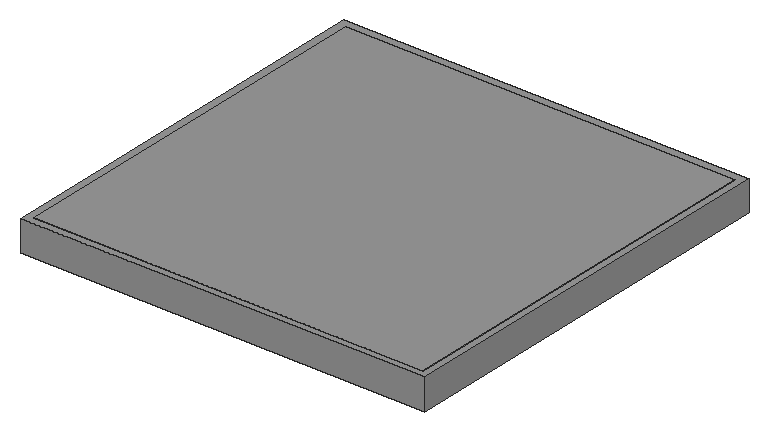
Revit family "ДВО-09 30 Вт Грильято DALI", category Осветительные приборы, Revit 2019 (continued)
Types (6, lengths in mm): name | Эффективность светильника | Файл фотометрической сетки | Тип рассеивателя | Световой поток модуля | built-in parameter 1150142 | Wattage | built-in parameter 1114217 | built-in parameter 1150134 | Lumens | built-in parameter 1150105 | Категория по ограничению яркости | built-in parameter 1150107 | built-in parameter 1150106 | Габаритная яркость | Артикул | URL
  ДВО-09-П-30-4К-IP40-Грильято-DALI | "143" | "INNOLUX 14 942 DVO-09-P-30-4K-IP40-DALI.ies" | "призма" | "1156" | "IESNA: LM-63-1995\r\n[TEST] lab - arhilight 1912722\r\n[MANUFAC] INNOLUX\r\n [LUMCAT] 14 942\r\n[LUMINAIRE] DVO-09-P-30-4Ê-IP40-DALI\r\n[LAMPCAT] LED 30W 4000K\r\n[MORE]  \r\n[MORE]\r\n[LAMPCAT] \r\n[LAMP] LED \r\n[BALLAST] NO\r\n[_PRODUCTGROUP] \r\n[_INFOLINK] This file is created by A.Arkhipov (www.arhilight.ru)\r\nTILT=NONE\r\n \r\n1 4292 4.292 181 145 1 2 0.588 0.588 0.045\r\n 1  1 30.0\r\n\r\n0 0.5 1 1.5 2 2.5 3 3.5 4 4.5 5 5.5 6 6.5 7 7.5 8 8.5 9 9.5 10 10.5 11 11.5 12 12.5 13 13.5 14 14.5 15 15.5 16 16.5 17 17.5 18 18.5 19 19.5 20 20.5 21 21.5 22 22.5 23 23.5 24 24.5 25 25.5 26 26.5 27 27.5 28 28.5 29 29.5 30 30.5 31 31.5 32 32.5 33 33.5 34 34.5 35 35.5 36 36.5 37 37.5 38 38.5 39 39.5 40 40.5 41 41.5 42 42.5 43 43.5 44 44.5 45 45.5 46 46.5 47 47.5 48 48.5 49 49.5 50 50.5 51 51.5 52 52.5 53 53.5 54 54.5 55 55.5 56 56.5 57 57.5 58 58.5 59 59.5 60 60.5 61 61.5 62 62.5 63 63.5 64 64.5 65 65.5 66 66.5 67 67.5 68 68.5 69 69.5 70 70.5 71 71.5 72 72.5 73 73.5 74 74.5 75 75.5 76 76.5 77 77.5 78 78.5 79 79.5 80 80.5 81 81.5 82 82.5 83 83.5 84 84.5 85 85.5 86 86.5 87 87.5 88 88.5 89 89.5 90\r\n\r\n0 2.5 5 7.5 10 12.5 15 17.5 20 22.5 25 27.5 30 32.5 35 37.5 40 42.5 45 47.5 50 52.5 55 57.5 60 62.5 65 67.5 70 72.5 75 77.5 80 82.5 85 87.5 90 92.5 95 97.5 100 102.5 105 107.5 110 112.5 115 117.5 120 122.5 125 127.5 130 132.5 135 137.5 140 142.5 145 147.5 150 152.5 155 157.5 160 162.5 165 167.5 170 172.5 175 177.5 180 182.5 185 187.5 190 192.5 195 197.5 200 202.5 205 207.5 210 212.5 215 217.5 220 222.5 225 227.5 230 232.5 235 237.5 240 242.5 245 247.5 250 252.5 255 257.5 260 262.5 265 267.5 270 272.5 275 277.5 280 282.5 285 287.5 290 292.5 295 297.5 300 302.5 305 307.5 310 312.5 315 317.5 320 322.5 325 327.5 330 332.5 335 337.5 340 342.5 345 347.5 350 352.5 355 357.5 360\r\n\r\n433.7 433.7 433.8 433.8 433.7 433.4 433.2 432.8 432.5 432.2 431.9 431.5 431.2 430.8 430.3 429.9 429.5 428.9 428.3 427.7 427 426.3 425.6 424.8 423.9 423.2 422.1 421.3 420.2 419.2 418.2 417.1 416 414.9 413.5 412.3 410.9 409.4 407.8 406.4 404.7 403.2 401.4 399.8 397.7 395.9 393.8 391.8 389.2 387.2 384.6 382.2 379.2 376.6 373.5 370.7 367.1 363.9 360.2 356.7 352.5 348.7 344.3 340.3 335.5 331.3 326.5 322.3 317.2 313 308.3 304 299.1 295 290.2 286.1 281.1 276.9 272.1 267.8 262.8 258.6 253.7 249.6 244.6 240.3 235.8 231.7 226.9 223 218.5 214.5 210.1 206.2 202 198.1 194 190.4 186.3 182.7 178.8 175.4 171.6 168.3 164.6 161.5 158 154.8 151.3 148.4 144.9 141.7 138.3 135.3 131.8 128.5 125 121.9 118.2 114.9 111.2 108 104.4 101.1 97.6 94.5 91 88 84.7 81.9 78.8 76.1 73.1 70.6 67.7 65.3 62.7 60.5 57.9 55.9 53.8 52.1 50.2 48.6 47 45.6 44.1 42.9 41.7 40.5 39.3 38.3 37.2 36.3 35.2 34.3 33.2 32.2 31.1 30.1 28.9 27.8 26.6 25.5 24.1 22.9 21.4 20 18.5 17.2 15.6 14.2 12.6 11.3 9.8 8.4 7.3 6.3 5.5 4.8 4.3\r\n433.6 433.6 433.5 433.4 433.3 433.1 432.8 432.4 432.1 431.8 431.5 431.1 430.8 430.4 429.8 429.4 428.9 428.3 427.7 427.1 426.3 425.6 424.9 424.1 423.3 422.4 421.4 420.7 419.6 418.5 417.4 416.4 415.2 414.1 412.6 411.4 409.9 408.5 406.9 405.4 403.7 402.1 400.3 398.6 396.5 394.7 392.5 390.4 387.9 385.7 383.1 380.6 377.6 374.9 371.8 368.9 365.2 362.1 358.3 354.9 350.8 347.2 343 339.2 334.6 330.8 326.2 322.3 317.6 313.6 309.1 305.2 300.5 296.7 292.3 288.5 283.9 280.1 275.7 271.8 267.3 263.4 259 255.1 250.6 246.6 242.3 238.4 233.8 230 225.6 221.7 217.4 213.6 209.3 205.5 201.3 197.7 193.5 189.7 185.6 182 177.9 174.2 170 166.4 162.2 158.4 154.3 150.6 146.4 142.6 138.4 134.8 130.7 126.9 122.9 119.4 115.4 111.8 108 104.6 100.9 97.5 93.9 90.8 87.3 84.3 81 78.1 75 72.3 69.4 66.9 64.2 61.9 59.4 57.4 55.1 53.3 51.4 49.8 48.1 46.7 45.3 44.1 42.8 41.8 40.7 39.7 38.6 37.7 36.6 35.8 34.7 33.7 32.7 31.7 30.6 29.6 28.5 27.6 26.4 25.4 24.1 23 21.6 20.3 18.7 17.3 15.6 14.1 12.5 11.1 9.4 8.1 6.8 5.8 4.8 4.2 3.8\r\n433.4 433.4 433.2 433.1 432.9 432.7 432.4 432.1 431.8 431.4 431.1 430.8 430.4 429.9 429.3 428.9 428.3 427.7 427 426.4 425.7 424.9 424.2 423.4 422.6 421.7 420.8 420 418.9 417.9 416.7 415.7 414.4 413.2 411.7 410.5 409 407.7 405.9 404.5 402.7 401 399.2 397.4 395.2 393.5 391.2 389.1 386.6 384.2 381.6 379 375.9 373.2 370 367.1 363.4 360.2 356.5 353.1 349.1 345.7 341.6 338.1 333.8 330.2 326 322.4 317.9 314.3 310 306.4 302 298.4 294.3 290.9 286.6 283.3 279.2 275.8 271.8 268.2 264.3 260.7 256.5 252.9 248.8 245.2 240.8 237 232.7 229 224.7 221 216.7 212.8 208.6 204.9 200.6 196.7 192.4 188.6 184.2 180 175.4 171.2 166.5 162.1 157.2 152.8 147.8 143.5 138.5 134.3 129.5 125.3 120.8 117 112.6 108.7 104.7 101.2 97.4 93.9 90.3 87.1 83.6 80.6 77.2 74.4 71.3 68.5 65.7 63.2 60.6 58.5 56.2 54.4 52.3 50.7 49 47.5 46 44.7 43.6 42.7 41.5 40.7 39.8 38.9 38 37.1 36.1 35.2 34.2 33.2 32.1 31.2 30.1 29.1 28.1 27.3 26.2 25.3 24.2 23.1 21.8 20.5 18.9 17.4 15.6 14 12.3 10.8 9.1 7.7 6.2 5.2 4.1 3.6 3.3\r\n433.4 433.4 433.2 433.1 432.8 432.6 432.3 432 431.7 431.3 431 430.6 430.3 429.8 429.4 428.9 428.3 427.7 426.9 426.3 425.6 424.8 424 423.2 422.4 421.5 420.5 419.7 418.6 417.5 416.4 415.4 414.1 412.9 411.5 410.3 408.9 407.5 405.8 404.3 402.6 401 399.1 397.3 395.2 393.4 391.2 389.1 386.6 384.3 381.7 379.2 376.1 373.4 370.2 367.2 363.5 360.3 356.6 353.2 349.2 345.7 341.7 338.1 333.8 330.2 325.9 322.3 317.7 314.1 309.7 305.9 301.4 297.7 293.4 289.7 285.1 281.5 277.3 273.6 269.2 265.5 261.3 257.7 253.3 249.6 245.4 241.8 237.3 233.6 229.2 225.4 221.1 217.5 213.2 209.3 205.1 201.5 197.2 193.5 189.2 185.5 181.3 177.3 172.8 168.8 164.2 160 155.3 151.1 146.3 142 137.2 133 128.4 124.2 119.7 115.9 111.6 107.7 103.7 100.2 96.4 93 89.4 86.3 82.9 79.9 76.6 73.8 70.8 68.1 65.2 62.9 60.2 58.1 55.8 53.9 51.8 50.1 48.4 46.9 45.3 44 42.8 41.8 40.6 39.7 38.7 37.9 36.9 36.1 35.1 34.2 33.2 32.3 31.2 30.3 29.2 28.3 27.3 26.4 25.3 24.3 23.2 22.1 20.8 19.5 18 16.6 14.9 13.4 11.8 10.3 8.7 7.4 6 5 4 3.6 3.3\r\n433.4 433.4 433.2 433.1 432.8 432.5 432.2 431.9 431.6 431.2 430.8 430.5 430.2 429.8 429.4 428.8 428.3 427.7 426.9 426.2 425.5 424.7 423.8 422.9 422.2 421.2 420.2 419.3 418.3 417.2 416.2 415 413.9 412.7 411.3 410.1 408.7 407.3 405.7 404.2 402.6 400.9 399.1 397.3 395.2 393.3 391.1 389.1 386.6 384.3 381.8 379.3 376.2 373.5 370.3 367.3 363.7 360.4 356.7 353.4 349.3 345.8 341.8 338.2 333.9 330.1 325.9 322.2 317.6 313.8 309.4 305.5 300.9 297 292.4 288.4 283.6 279.8 275.3 271.3 266.6 262.8 258.4 254.6 250.1 246.4 242.1 238.4 233.9 230.1 225.7 221.8 217.6 213.9 209.6 205.8 201.6 198.1 193.9 190.2 186.1 182.5 178.4 174.5 170.3 166.4 162 158 153.4 149.4 144.8 140.5 135.9 131.8 127.3 123.1 118.6 114.8 110.6 106.7 102.8 99.3 95.5 92.1 88.6 85.5 82.1 79.1 75.9 73.3 70.3 67.6 64.8 62.5 59.8 57.7 55.4 53.5 51.2 49.6 47.7 46.3 44.5 43.3 42 40.9 39.7 38.7 37.7 36.9 35.9 35 34.1 33.2 32.2 31.4 30.3 29.4 28.4 27.5 26.4 25.6 24.4 23.4 22.2 21.1 19.7 18.5 17.1 15.7 14.2 12.8 11.3 9.8 8.2 7 5.7 4.8 4 3.5 3.3\r\n433.4 433.3 433.1 433 432.7 432.5 432.2 432 431.6 431.2 430.8 430.5 430 429.6 429.1 428.6 428.1 427.4 426.7 426 425.3 424.5 423.7 422.8 422 421.1 420.1 419.2 418.1 417.1 415.9 414.8 413.5 412.3 410.9 409.6 408.1 406.6 405 403.5 401.8 400.1 398.3 396.6 394.5 392.6 390.6 388.6 386.2 384.1 381.7 379.4 376.5 373.9 370.9 368.2 364.7 361.7 358.1 354.9 350.9 347.4 343.3 339.6 335.1 331.1 326.6 322.5 317.6 313.4 308.5 304.2 299.2 294.9 290 285.8 280.7 276.6 271.9 267.9 263.1 259.2 254.7 250.9 246.3 242.6 238.2 234.5 230 226.2 221.9 217.9 213.7 210 205.7 201.8 197.5 193.9 189.6 185.9 181.7 178 173.8 170 165.9 162.2 157.9 154.2 149.9 146.2 142 138.2 134 130.4 126.3 122.6 118.6 115.2 111.4 108 104.3 101.2 97.7 94.5 91.2 88.3 85.2 82.3 79.2 76.6 73.7 71.1 68.4 66.1 63.4 61.1 58.7 56.6 54.2 52.3 50.2 48.4 46.4 44.8 43.2 41.7 40.2 38.8 37.5 36.4 35.1 34 32.8 31.8 30.6 29.6 28.4 27.4 26.2 25.2 24.1 23.1 21.9 20.8 19.6 18.5 17.2 16 14.6 13.4 12 10.8 9.4 8.2 7 6 5 4.4 3.8 3.5 3.3\r\n433.4 433.2 433.1 432.9 432.7 432.5 432.2 432 431.6 431.3 430.8 430.5 429.9 429.4 428.8 428.4 427.8 427.1 426.4 425.8 425 424.3 423.6 422.7 421.9 421 419.9 419 417.9 417 415.6 414.6 413.2 412 410.4 409.1 407.5 405.9 404.3 402.7 401 399.2 397.4 395.8 393.9 392 390 388.2 385.9 383.9 381.5 379.4 376.7 374.4 371.5 369 365.7 363 359.5 356.5 352.5 349 344.9 341 336.3 332.2 327.3 322.9 317.5 312.9 307.6 303 297.5 292.8 287.6 283.2 277.8 273.4 268.5 264.4 259.6 255.5 251 247.1 242.6 238.7 234.4 230.6 226.2 222.3 218.1 214 209.8 206 201.7 197.8 193.5 189.7 185.4 181.5 177.3 173.5 169.3 165.6 161.5 157.9 153.9 150.3 146.4 143 139.2 135.8 132.1 128.9 125.3 122.1 118.7 115.7 112.2 109.2 105.9 103 99.8 97 93.8 91.1 88.2 85.4 82.5 80 77.2 74.6 71.9 69.6 66.9 64.6 62 59.7 57.2 55 52.6 50.5 48.2 46.3 44.3 42.5 40.6 39 37.3 36 34.3 33 31.6 30.3 29 27.8 26.5 25.4 24.1 22.9 21.7 20.6 19.3 18.2 17 15.9 14.6 13.4 12.2 11.1 9.8 8.7 7.6 6.6 5.7 5 4.3 4 3.7 3.5 3.4\r\n433.6 433.5 433.5 433.4 433.2 433 432.7 432.4 432.1 431.8 431.3 431 430.5 430.1 429.6 429.1 428.6 428 427.4 426.8 426 425.3 424.6 423.8 422.9 422.1 421 420.2 419.1 418.1 416.9 415.9 414.6 413.4 412 410.7 409.2 407.7 406 404.6 402.9 401.2 399.4 397.8 395.8 394 391.9 390 387.6 385.6 383.1 380.8 378 375.5 372.5 369.8 366.4 363.5 359.8 356.6 352.5 348.9 344.6 340.7 335.9 331.7 326.9 322.6 317.4 312.9 308 303.5 298.3 293.9 288.9 284.6 279.5 275.2 270.3 266.1 261.2 257.1 252.3 248.3 243.6 239.5 235.1 231.2 226.5 222.7 218.3 214.3 209.9 206.1 201.8 197.9 193.7 190.1 185.9 182.1 178 174.5 170.5 166.9 163 159.7 155.9 152.6 148.9 145.7 142.1 138.7 135.2 132.1 128.6 125.3 121.8 118.8 115.2 112.1 108.6 105.5 102.1 99 95.7 92.8 89.6 86.7 83.6 81 78 75.4 72.5 70.1 67.3 64.9 62.3 60.1 57.5 55.5 53.2 51.3 49.2 47.5 45.7 44.1 42.4 41 39.5 38.2 36.8 35.6 34.4 33.3 32.1 31 29.8 28.8 27.6 26.5 25.3 24.2 22.9 21.9 20.5 19.4 18 16.7 15.4 14.2 12.7 11.5 10.1 9 7.7 6.7 5.8 5.2 4.6 4.1 3.8\r\n433.7 433.7 433.8 433.8 433.7 433.4 433.2 432.8 432.5 432.2 431.9 431.5 431.2 430.8 430.3 429.9 429.5 428.9 428.3 427.7 427 426.3 425.6 424.8 423.9 423.2 422.1 421.3 420.2 419.2 418.2 417.1 416 414.9 413.5 412.3 410.9 409.4 407.8 406.4 404.7 403.2 401.4 399.8 397.7 395.9 393.8 391.8 389.2 387.2 384.6 382.2 379.2 376.6 373.5 370.7 367.1 363.9 360.2 356.7 352.5 348.7 344.3 340.3 335.5 331.3 326.5 322.3 317.2 313 308.3 304 299.1 295 290.2 286.1 281.1 276.9 272.1 267.8 262.8 258.6 253.7 249.6 244.6 240.3 235.8 231.7 226.9 223 218.5 214.5 210.1 206.2 202 198.1 194 190.4 186.3 182.7 178.8 175.4 171.6 168.3 164.6 161.5 158 154.8 151.3 148.4 144.9 141.7 138.3 135.3 131.8 128.5 125 121.9 118.2 114.9 111.2 108 104.4 101.1 97.6 94.5 91 88 84.7 81.9 78.8 76.1 73.1 70.6 67.7 65.3 62.7 60.5 57.9 55.9 53.8 52.1 50.2 48.6 47 45.6 44.1 42.9 41.7 40.5 39.3 38.3 37.2 36.3 35.2 34.3 33.2 32.2 31.1 30.1 28.9 27.8 26.6 25.5 24.1 22.9 21.4 20 18.5 17.2 15.6 14.2 12.6 11.3 9.8 8.4 7.3 6.3 5.5 4.8 4.3\r\n433.6 433.6 433.5 433.4 433.3 433.1 432.8 432.4 432.1 431.8 431.5 431.1 430.8 430.4 429.8 429.4 428.9 428.3 427.7 427.1 426.3 425.6 424.9 424.1 423.3 422.5 421.4 420.7 419.6 418.5 417.4 416.4 415.2 414.1 412.6 411.4 409.9 408.5 406.9 405.4 403.7 402.1 400.3 398.6 396.5 394.7 392.5 390.4 387.9 385.7 383.1 380.6 377.6 374.9 371.8 368.9 365.2 362.1 358.3 354.9 350.8 347.2 343 339.2 334.6 330.8 326.2 322.3 317.6 313.6 309.1 305.2 300.5 296.7 292.3 288.5 283.9 280.1 275.7 271.8 267.3 263.4 259 255.1 250.6 246.6 242.3 238.4 233.8 230 225.6 221.7 217.4 213.6 209.3 205.5 201.3 197.7 193.5 189.7 185.6 182 177.9 174.2 170 166.4 162.2 158.4 154.3 150.6 146.4 142.6 138.4 134.8 130.7 126.9 122.9 119.4 115.4 111.8 108 104.6 100.9 97.5 93.9 90.8 87.3 84.3 81 78.1 75 72.3 69.4 66.9 64.2 61.9 59.5 57.4 55.1 53.3 51.4 49.8 48.1 46.7 45.3 44.1 42.8 41.8 40.7 39.7 38.6 37.7 36.6 35.8 34.7 33.7 32.7 31.7 30.6 29.6 28.5 27.5 26.4 25.4 24.1 23 21.6 20.3 18.7 17.3 15.6 14.1 12.5 11.1 9.5 8.1 6.8 5.8 4.8 4.2 3.8\r\n433.4 433.4 433.2 433.1 432.9 432.7 432.4 432.1 431.8 431.4 431.1 430.8 430.4 429.9 429.3 428.9 428.3 427.7 427 426.4 425.7 424.9 424.2 423.4 422.6 421.7 420.8 420 418.9 417.9 416.7 415.7 414.3 413.2 411.7 410.5 409 407.7 405.9 404.5 402.7 401 399.2 397.4 395.3 393.5 391.3 389.1 386.6 384.3 381.6 379 375.9 373.2 370 367.1 363.4 360.2 356.5 353.1 349.1 345.7 341.6 338.1 333.8 330.2 326 322.4 317.9 314.3 310 306.4 302 298.4 294.3 290.9 286.6 283.3 279.2 275.8 271.8 268.2 264.3 260.7 256.5 252.9 248.8 245.2 240.8 237 232.7 229 224.6 221 216.7 212.8 208.6 204.9 200.6 196.7 192.4 188.6 184.2 180 175.4 171.2 166.5 162.1 157.2 152.8 147.8 143.5 138.5 134.3 129.5 125.3 120.8 117 112.6 108.7 104.7 101.2 97.4 93.9 90.3 87.1 83.7 80.6 77.2 74.4 71.3 68.5 65.7 63.2 60.6 58.5 56.2 54.4 52.3 50.7 49 47.4 46 44.7 43.6 42.7 41.5 40.7 39.8 38.9 38 37.1 36.1 35.2 34.2 33.2 32.1 31.2 30.1 29.1 28.1 27.3 26.2 25.3 24.2 23.1 21.8 20.5 18.9 17.4 15.6 14.1 12.3 10.8 9.1 7.7 6.2 5.2 4.1 3.6 3.3\r\n433.4 433.4 433.2 433.1 432.8 432.6 432.3 432 431.7 431.3 431 430.6 430.3 429.8 429.4 428.9 428.3 427.7 426.9 426.3 425.6 424.8 424 423.2 422.4 421.5 420.5 419.6 418.6 417.5 416.4 415.4 414.1 412.9 411.5 410.3 408.9 407.5 405.8 404.3 402.6 401 399.1 397.3 395.2 393.4 391.2 389.1 386.6 384.3 381.7 379.2 376.1 373.4 370.2 367.2 363.5 360.3 356.6 353.2 349.2 345.7 341.7 338.1 333.8 330.2 325.9 322.3 317.7 314.1 309.7 305.9 301.4 297.7 293.4 289.7 285.1 281.5 277.3 273.6 269.2 265.5 261.3 257.7 253.3 249.6 245.4 241.8 237.3 233.5 229.2 225.4 221.1 217.5 213.1 209.3 205.1 201.5 197.2 193.5 189.2 185.5 181.3 177.3 172.8 168.8 164.2 160 155.3 151.1 146.3 142 137.2 133.1 128.4 124.2 119.7 115.9 111.6 107.7 103.7 100.2 96.4 93 89.4 86.3 82.9 79.9 76.6 73.8 70.8 68.1 65.3 62.9 60.2 58.1 55.8 53.9 51.8 50.1 48.4 46.9 45.3 44 42.8 41.8 40.6 39.7 38.7 37.9 36.9 36.1 35.1 34.2 33.2 32.3 31.2 30.3 29.2 28.3 27.3 26.4 25.3 24.3 23.2 22.1 20.8 19.5 18 16.6 14.9 13.4 11.8 10.3 8.7 7.4 6 5 4 3.5 3.3\r\n433.4 433.4 433.2 433.1 432.8 432.5 432.2 431.9 431.6 431.2 430.8 430.5 430.2 429.8 429.4 428.8 428.3 427.7 426.9 426.2 425.5 424.7 423.8 422.9 422.2 421.2 420.2 419.3 418.3 417.2 416.2 415 413.9 412.7 411.3 410.1 408.7 407.3 405.7 404.2 402.6 400.9 399.1 397.3 395.2 393.3 391.1 389.1 386.6 384.3 381.8 379.3 376.2 373.5 370.3 367.3 363.7 360.4 356.7 353.4 349.3 345.8 341.8 338.2 333.9 330.1 325.9 322.2 317.6 313.8 309.4 305.5 300.9 297 292.4 288.4 283.6 279.8 275.3 271.3 266.6 262.8 258.4 254.6 250.1 246.4 242.1 238.4 233.9 230.1 225.7 221.8 217.6 213.9 209.6 205.8 201.6 198.1 193.9 190.2 186.1 182.5 178.4 174.5 170.3 166.4 162 158 153.4 149.4 144.8 140.5 135.9 131.8 127.3 123.1 118.6 114.8 110.6 106.7 102.8 99.3 95.5 92.1 88.6 85.5 82.1 79.1 75.9 73.3 70.3 67.6 64.8 62.5 59.8 57.7 55.4 53.5 51.2 49.6 47.7 46.3 44.5 43.3 42 40.9 39.7 38.7 37.7 36.9 35.9 35 34.1 33.2 32.2 31.4 30.3 29.4 28.4 27.5 26.4 25.6 24.4 23.4 22.2 21.1 19.7 18.5 17.1 15.7 14.2 12.8 11.3 9.8 8.2 7 5.7 4.8 4 3.5 3.3\r\n433.4 433.3 433.1 433 432.7 432.5 432.2 432 431.6 431.2 430.8 430.5 430 429.6 429.1 428.6 428.1 427.4 426.7 426 425.3 424.5 423.7 422.8 422 421.1 420.1 419.2 418.1 417.1 415.9 414.8 413.5 412.3 410.9 409.6 408.1 406.6 405 403.5 401.8 400.1 398.3 396.6 394.5 392.6 390.6 388.6 386.2 384.1 381.7 379.4 376.5 373.9 370.9 368.2 364.7 361.7 358.1 354.9 350.9 347.4 343.3 339.6 335.1 331.1 326.6 322.5 317.6 313.4 308.5 304.2 299.2 294.9 290 285.8 280.7 276.6 271.9 267.9 263.1 259.2 254.7 250.9 246.3 242.6 238.2 234.5 230 226.2 221.9 217.9 213.7 210 205.7 201.8 197.5 193.9 189.6 185.9 181.7 178 173.8 170 165.9 162.2 157.9 154.2 149.9 146.2 142 138.2 134 130.4 126.3 122.6 118.6 115.2 111.4 108 104.3 101.2 97.7 94.5 91.2 88.3 85.2 82.3 79.2 76.6 73.7 71.1 68.4 66.1 63.4 61.1 58.7 56.6 54.2 52.3 50.2 48.4 46.4 44.8 43.2 41.7 40.2 38.8 37.5 36.4 35.1 34 32.8 31.8 30.6 29.6 28.4 27.4 26.2 25.2 24.1 23.1 21.9 20.8 19.6 18.5 17.2 16 14.6 13.4 12 10.8 9.4 8.2 7 6 5 4.4 3.8 3.5 3.3\r\n433.4 433.2 433.1 432.9 432.7 432.5 432.2 432 431.6 431.3 430.8 430.5 429.9 429.4 428.8 428.4 427.8 427.1 426.4 425.8 425 424.3 423.6 422.7 421.9 421 419.9 
